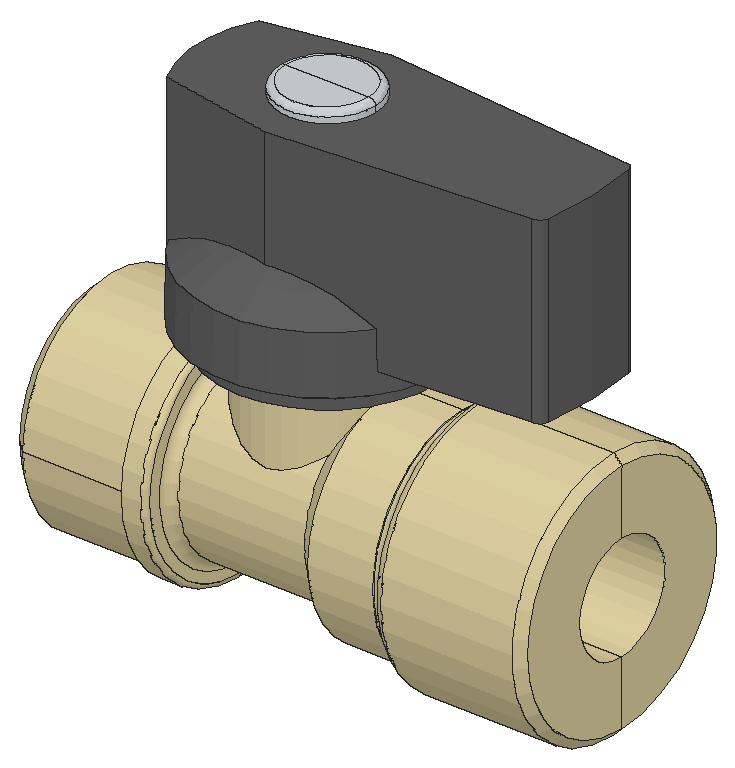
Revit family "QL10456000", category Apparecchi idraulici, Revit 2020
Family settings
  Quota connettore circolare = Usa diametro
  Tipo di parte = Normale
  Numero OmniClass = 23.45.00.00
  Titolo OmniClass = Sanitary, Laundry, and Cleaning Equipment
  Basato su piano di lavoro = No
  Sempre verticale = Sì
  Taglio con vuoti quando caricato = No
  Condiviso = No
  Punto di calcolo locali = No
Parameters
  URL = "https://web.cimberio.com/index.php/figura/982?subcategoria_id=79"
  Temperatura di esercizio = "-20 ÷ 90°C"
  Prospetto di default = 0 mm
  Produttore = "CIMBERIO SPA"
  Pressione nominale = "PN 16"
  Modello = "Cim 072FAR"
  Materiale = "Prodotto in lega di ottone conforme alla norma EN 12165-CW617N-DW"
  Descrizione = "Realizzato in ottemperanza ai requisiti gestionali della norma EN ISO 9001.\r\nCollaudato al 100% secondo la normativa EN 12266-1."
  DN [instance] = 10 mm
  Commenti sul tipo = "Utilizzato nei più svariati settori dell'impiantistica: impianti di riscaldamento, condizionamento, idrici, igienico-sanitari, aria compressa e in generale con ogni fluido non corrosivo"
Reference planes
  plane 1 "Centro (Fronte/Retro)": y = 0
  plane 2: z = 0
  plane 3 "Centro (Sinistra/Destra)": x = 0
Forms (mm)
  Revolve 1, solid, material "Cim_Gomma"
    sketch origin (1.72, 0, -15.45) x (1, 0, 0) y (0, 0, 1)
      loop
        line (-13.65, 29.159) -> (-12.068, 28.245) -> (-12.068, 27.3) -> (-1.75, 27.3) -> (-1.75, 38.235)
        arc (-1.75, 38.235) -> (-7.968, 37.443) -> (-13.555, 34.603) r 18.326
        line (-13.555, 34.603) -> (-13.65, 29.159)
      axis (-1.75, 27.3) -> (-1.75, 38.235)
    angle from 0 to 360
  Revolve 2, solid
    sketch origin (1.75, 0, -15.431) x (1, 0, 0) y (0, 0, 1)
      loop
        line (-6.25, 48.586) -> (-6.25, 47.06) -> (-1.75, 47.06) -> (-1.75, 49.1) -> (-5.644, 49.1)
        arc (-5.644, 49.1) -> (-6.041, 48.954) -> (-6.25, 48.586) r 0.614
      axis (-1.75, 49.1) -> (-1.75, 47.06)
    angle from 0 to 360
  Extrusion 3, solid, material "Cim_Gomma"
    sketch origin (1.564, 0, -15.43) x (1, 0, 0) y (0, 1, 0)
      loop
        line (-1.55, -7.358) -> (21.897, -5.374)
        arc (21.897, -5.374) -> (22.482, -5.121) -> (22.795, -4.565) r 1
        arc (22.795, -4.565) -> (23.239, 0.126) -> (22.795, 4.817) r 25
        arc (22.795, 4.817) -> (22.645, 5.184) -> (22.364, 5.464) r 1
        line (22.364, 5.464) -> (-1.549, 7.359) -> (-12.286, 5.325)
        arc (-12.286, 5.325) -> (-13.555, -0.054) -> (-12.237, -5.422) r 11.805
        line (-12.237, -5.422) -> (-1.55, -7.358)
    from 31.045 to 48.089
  Revolve 4, solid, material "Cim_Lega di ottone gialla"
    sketch origin (0, 0, 0) x (1, 0, 0) y (0, 0, 1)
      loop
        line (6.6, -10.5) -> (12.657, -10.5) -> (12.657, -5) -> (-8.2, -5) -> (-8.2, -9.5)
        arc (-8.2, -9.5) -> (-7.907, -8.793) -> (-7.199, -8.5) r 1
        line (-7.199, -8.5) -> (4.6, -8.5) -> (6.6, -10.5)
      axis (-8.2, 0) -> (12.657, 0)
    angle from 0 to 360
  Revolve 5, solid, material "Cim_Lega di ottone gialla"
    sketch origin (0, 0, 0) x (1, 0, 0) y (0, 0, 1)
      loop
        line (-7.25, 15.629) -> (-7.25, 2.95) -> (-5, 2.95) -> (-5, 15.629) -> (-7.25, 15.629)
      axis (0, 15.629) -> (0, 2.95)
    angle from 0 to 360
  Revolve 6, solid, material "Cim_Lega di ottone gialla filetto"
    sketch origin (4.71, 0, 0) x (1, 0, 0) y (0, 1, 0)
      loop
        line (-24.91, 10.45) -> (-26.21, 9.15) -> (-26.21, 5) -> (-15.01, 5) -> (-15.01, 10.45) -> (-24.91, 10.45)
      axis (-26.21, 0) -> (-15.01, 0)
    angle from 0 to 360
  Revolve 7, solid, material "Cim_Lega di ottone gialla"
    sketch origin (0, 0, 0) x (1, 0, 0) y (0, 0, 1)
      loop
        line (-10.5, -5) -> (-10.5, -11) -> (-8.7, -11)
        arc (-8.7, -11) -> (-8.346, -10.854) -> (-8.2, -10.5) r 0.5
        line (-8.2, -10.5) -> (-8.2, -5) -> (-10.5, -5)
      axis (-10.5, 0) -> (-8.2, 0)
    angle from 0 to 360
  Revolve 8, solid, material "Cim_Lega di ottone gialla filetto"
    sketch origin (0, 0, 0) x (1, 0, 0) y (0, 0, 1)
      loop
        arc (14.495, 11.85) -> (13.938, 11.506) -> (13.523, 11) r 2
        arc (13.523, 11) -> (13.157, 10.634) -> (12.657, 10.5) r 1
        line (12.657, 10.5) -> (12.657, 5) -> (27.6, 5) -> (27.6, 11.05) -> (26.8, 11.85) -> (14.495, 11.85)
      axis (27.6, 0) -> (12.657, 0)
    angle from 0 to 360
Dimensions and locks
  aligned and locked: level to plane 2
Connectors
  piping at (27.6, 0, 0), diameter 10, driven by "DN"
    settings: on Revolve 8, index 1, connector inside diameter 609.6 mm, connector length 0 mm, flow factor 0, pipe flow 0.0 L/s, pressure drop 0.0 Pa, fitting loss kfactor 0, connector angle 0.00°, fixture units 0, engagement length 0 mm, angle of deflection 0.00°, flow configuration 0, flow direction 0, fitting loss method 0, system type 7, joint type 0, gender type 0, connector reference index -1, connector utility 0, adjustable connector no, is connector primary yes, connector description ""
  piping at (-21.5, 0, 0), diameter 10, driven by "DN"
    settings: on Revolve 6, index 2, connector inside diameter 609.6 mm, connector length 0 mm, flow factor 0, pipe flow 0.0 L/s, pressure drop 0.0 Pa, fitting loss kfactor 0, connector angle 0.00°, fixture units 0, engagement length 0 mm, angle of deflection 0.00°, flow configuration 0, flow direction 0, fitting loss method 0, system type 7, joint type 0, gender type 0, connector reference index -1, connector utility 0, adjustable connector no, is connector primary no, connector description ""
